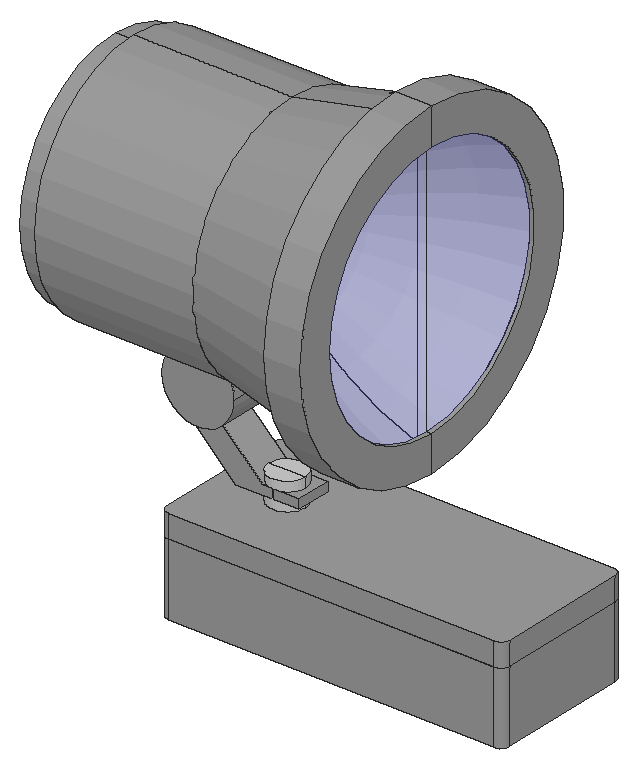
Revit family "98016_BEGA_Revit", category Lighting Fixtures, host Face, Revit 2018
Family settings
  Host = Face
  Round Connector Dimension = Use Diameter
  Part Type = Normal
  Cut with Voids When Loaded = Yes
  Light Source = Yes
  Shared = No
  Room Calculation Point = No
Parameters (values of type "Compact floodlight")
  Wattage = 18.8364 W
  built-in parameter 1150110 = 1 (stored number, unit not read)
  URL = "www.bega-us.com"
  built-in parameter 1114217 = 1 (stored number, unit not read)
  Tilt Angle = 90.00°
  built-in parameter 1150109 = 1 (stored number, unit not read)
  built-in parameter 1150134 = 12
  Telephone = "805.684.0533"
  built-in parameter 1150113 = 1 (stored number, unit not read)
  Photometric Web File = "98016_BEGA_IES.IES"
  Model = "84 362"
  Manufacturer = "BEGA-US"
  built-in parameter 1150105 = 222.66 (stored number, unit not read)
  Lumens = 2798 lm
  built-in parameter 1150115 = 1 (stored number, unit not read)
  built-in parameter 1150137 = (empty or 0)
  built-in parameter 1150139 = (empty or 0)
  built-in parameter 1150112 = 1 (stored number, unit not read)
  built-in parameter 1150114 = 1 (stored number, unit not read)
  Lamp = "45.7W LED"
  built-in parameter 1150132 = 2
  built-in parameter 1150102 = (empty or 0)
  built-in parameter 1150107 = 4000 (stored number, unit not read)
  built-in parameter 1150138 = (empty or 0)
  built-in parameter 1150106 = 2.2266 (stored number, unit not read)
  built-in parameter 1150104 = 13.8 (stored number, unit not read)
  Dimming Lamp Color Temperature Shift = <None>
  Description = "Compact floodlight - RGBW"
  Default Elevation = 0' - 0"
  Color Filter = 16777215
  built-in parameter 1114218 = 1 (stored number, unit not read)
  built-in parameter 1150133 = 10 (stored number, unit not read)
Reference planes (in)
  plane 1 "Center (Front/Back)": y = 0
  plane 2: z = 0
  plane 3 "Center (Left/Right)": x = 0
Dimensions and locks (in)
  aligned and locked: plane 2 to host face
  aligned and locked: level to host face
Nested families (in)
  nested 1: "84362_HOST_FACE" at (0, 0, 0), type "84362_HOST_FACE"
Connectors (in)
  electrical at (0, 0, 0)
    settings: on host face, index 1, voltage 0 V, apparent load 0 VA, apparent load phase1 0 VA, apparent load phase2 0 VA, apparent load phase3 0 VA, power factor 1, load classification "Other", number of poles 1, system type 31, power factor state 1, is connector primary yes, connector utility no, sub classification motor no, connector description ""
Definition of nested family "84362_HOST_FACE"
  Reference planes (in)
    plane 1 "Center (Front/Back)": y = 0
    plane 2: z = 0
    plane 3 "Center (Left/Right)": x = 0
  Forms (in)
    Revolve 1, solid
      sketch origin (0, 0, 0) x (1, 0, 0) y (0, 0, 1)
        loop
          line (1.125, 13.8125) -> (0.125, 13.8125) -> (0.125, 13.3125)
          arc (0.125, 13.3125) -> (-1.32866, 13.07435) -> (-2.75, 12.6875) r 14.25921
          line (-2.75, 12.6875) -> (-7.125, 12.6875) -> (-7.125, 12.5625) -> (-7.625, 12.5625)
          arc (-7.625, 12.5625) -> (-7.8369, 10.91281) -> (-7.875, 9.25) r 15.87143
          line (-7.875, 9.25) -> (-7.74995, 9.25)
          arc (-7.74995, 9.25) -> (-7.71623, 10.84959) -> (-7.52036, 12.4375) r 15.74643
          line (-7.52036, 12.4375) -> (-7.125, 12.4375) -> (-6.875, 12.4375) -> (-6.875, 12.5625) -> (-2.72995, 12.5625)
          arc (-2.72995, 12.5625) -> (-1.25721, 12.96189) -> (0.25, 13.20018) r 14.13421
          line (0.25, 13.20018) -> (0.25, 13.6875) -> (1, 13.6875) -> (1, 12.8125) -> (1.125, 12.8125) -> (1.125, 13.8125)
        axis (-7.875, 9.25) -> (1.125, 9.25)
      angle from 0 to 360
    Revolve 2, solid
      sketch origin (0, 0, 0) x (1, 0, 0) y (0, 0, 1)
        loop
          line (0.75, 13.3125) -> (0.75, 9.25) -> (1, 9.25) -> (1, 13.3125) -> (0.75, 13.3125)
        axis (0.75, 9.25) -> (1, 9.25)
      angle from 0 to 360
    Revolve 3, solid
      sketch origin (0, 0, 0) x (1, 0, 0) y (0, 0, 1)
        loop
          arc (0.75, 13.3125) -> (-1.39689, 12.22685) -> (-3.09283, 10.52052) r 7.54394
          line (-3.09283, 10.52052) -> (-3.00323, 10.43092)
          arc (-3.00323, 10.43092) -> (-1.34781, 12.10793) -> (0.75, 13.18121) r 7.41894
          line (0.75, 13.18121) -> (0.75, 13.3125)
        axis (-3.09283, 9.25) -> (0.75, 9.25)
      angle from 0 to 360
    Extrusion 4, solid
      sketch origin (0, 0, 0) x (1, 0, 0) y (0, 1, 0)
        loop
          line (4.5, 2.0625) -> (-4.5, 2.0625)
          arc (-4.5, 2.0625) -> (-4.67678, 1.98928) -> (-4.75, 1.8125) r 0.25
          line (-4.75, 1.8125) -> (-4.75, -1.8125)
          arc (-4.75, -1.8125) -> (-4.67678, -1.98928) -> (-4.5, -2.0625) r 0.25
          line (-4.5, -2.0625) -> (4.5, -2.0625)
          arc (4.5, -2.0625) -> (4.67678, -1.98928) -> (4.75, -1.8125) r 0.25
          line (4.75, -1.8125) -> (4.75, 1.8125)
          arc (4.75, 1.8125) -> (4.67678, 1.98928) -> (4.5, 2.0625) r 0.25
        loop
          line (-4.625, 1.8125) -> (-4.625, -1.8125)
          arc (-4.625, -1.8125) -> (-4.58839, -1.90089) -> (-4.5, -1.9375) r 0.125
          line (-4.5, -1.9375) -> (4.5, -1.9375)
          arc (4.5, -1.9375) -> (4.58839, -1.90089) -> (4.625, -1.8125) r 0.125
          line (4.625, -1.8125) -> (4.625, 1.8125)
          arc (4.625, 1.8125) -> (4.58839, 1.90089) -> (4.5, 1.9375) r 0.125
          line (4.5, 1.9375) -> (-4.5, 1.9375)
          arc (-4.5, 1.9375) -> (-4.58839, 1.90089) -> (-4.625, 1.8125) r 0.125
      from 0 to 2
    Extrusion 5, solid
      sketch origin (0, 0, 0) x (1, 0, 0) y (0, 1, 0)
        loop
          arc (-4.75, -1.8125) -> (-4.67678, -1.98928) -> (-4.5, -2.0625) r 0.25
          line (-4.5, -2.0625) -> (4.5, -2.0625)
          arc (4.5, -2.0625) -> (4.67678, -1.98928) -> (4.75, -1.8125) r 0.25
          line (4.75, -1.8125) -> (4.75, 1.8125)
          arc (4.75, 1.8125) -> (4.67678, 1.98928) -> (4.5, 2.0625) r 0.25
          line (4.5, 2.0625) -> (-4.5, 2.0625)
          arc (-4.5, 2.0625) -> (-4.67678, 1.98928) -> (-4.75, 1.8125) r 0.25
          line (-4.75, 1.8125) -> (-4.75, -1.8125)
      from 0 to 0.25
    Extrusion 6, solid
      sketch origin (0, 0, 0) x (1, 0, 0) y (0, 1, 0)
        loop
          arc (-4.75, -1.8125) -> (-4.67678, -1.98928) -> (-4.5, -2.0625) r 0.25
          line (-4.5, -2.0625) -> (4.5, -2.0625)
          arc (4.5, -2.0625) -> (4.67678, -1.98928) -> (4.75, -1.8125) r 0.25
          line (4.75, -1.8125) -> (4.75, 1.8125)
          arc (4.75, 1.8125) -> (4.67678, 1.98928) -> (4.5, 2.0625) r 0.25
          line (4.5, 2.0625) -> (-4.5, 2.0625)
          arc (-4.5, 2.0625) -> (-4.67678, 1.98928) -> (-4.75, 1.8125) r 0.25
          line (-4.75, 1.8125) -> (-4.75, -1.8125)
      from 2.625 to 2
    Extrusion 7, solid
      sketch origin (0, 0, 0) x (1, 0, 0) y (0, 0, 1)
        loop
          circle (-4.75, 5.125) r 1
      from -0.75 to 0.75
    Extrusion 8, solid
      sketch origin (0, 0, 0) x (1, 0, 0) y (0, 0, 1)
        loop
          line (-5.50296, 4.46693) -> (-3.91197, 2.87594) -> (-2.16197, 2.87594) -> (-2.16197, 3.12594) -> (-3.16197, 3.12594) -> (-4.27893, 4.2429) -> (-5.50296, 4.46693)
      from -0.5 to 0.5
    Revolve 9, solid
      sketch origin (0, 0, 0) x (1, 0, 0) y (0, 0, 1)
        loop
          line (-2.875, 2.625) -> (-2.375, 2.625) -> (-2.375, 3.375) -> (-2.875, 3.375) -> (-2.875, 2.625)
        axis (-2.875, 2.625) -> (-2.875, 3.375)
      angle from 0 to 360
  Cuts and joins
    joined: Extrusion 4, Extrusion 5
  Dimensions and locks (in)
    aligned and locked: plane 2 to level
